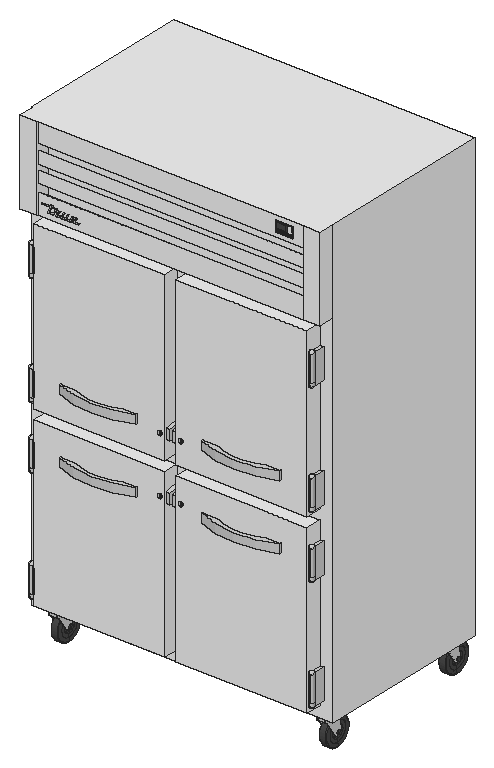
Revit family
Parameters
  Weight in Pounds = 0
  Watts = 3000 W
  Volts = 208 V
  URL Cutsheet = "www.truemfg.com"
  URL = "www.truemfg.com"
  Type Mark [instance] = ""
  Type Comments = ""
  Status [instance] = ""
  Specification by User [instance] = ""
  Specification by Manufacturer = ""
  Show Seismic Flanged [instance] = no
  Show Logo [instance] = yes
  Show Legs [instance] = no
  Show Clearance [instance] = yes
  Serial Number = ""
  Seismic Rating = ""
  Seismic Plate [instance] = and(Show Seismic Flanged, not(Show Casters))  # no
  SMACNA No = ""
  Revision Code [instance] = ""
  Phase = 1
  Omniclass Number and Title = ""
  Number of Poles [instance] = 1
  NAFEM Spec ID Number = ""
  Model = "STA2H-4HS"
  Min Ckt Ampacity = 0 A
  Max Overcurrent Protection = 0 A
  Masterspec = ""
  Manufacturer = "TRUE FOOD SERVICE EQUIPMENT, INC."
  Length = 52 5/8"
  Legs [instance] = or(Show Legs, Show Seismic Flanged)  # no
  Item Number [instance] = ""
  Installed By [instance] = ""
  Identify Quantity as Lot [instance] = yes
  Height = 77 3/4"
  HP = ""
  Furnished By [instance] = ""
  Foodservice Equipment Identifier [instance] = yes
  FL Amps = Watts / Volts  # 14.4231 A
  Electrical Remarks [instance] = ""
  Electric Connection Type [instance] = ""
  Elec Conn RI Height [instance] = 0"
  Elec Conn Connection Height [instance] = 0"
  Description = "Reach-in Solid Half Swing Door Heated Cabinet"
  Depth = 33 3/4"
  Cycle = 60 Hz
  Conn Plug = "6-15P"
  Conn Conduit = yes
  Show Casters [instance] = and(not(if(Show Legs, Show Legs, Show Legs)), not(if(Show Legs, Show Legs, Show Seismic Flanged)))  # yes
  CSI MasterFormat = ""
  CSI Master Format = ""
  Apparent Power = if(Phase = 3, Volts * FL Amps * 1.73, Volts * FL Amps)  # 3000 VA
Reference planes (in)
  plane 1 "BACK": y = 0
  plane 2: z = 0
  plane 3 "LEFT": x = 0
  plane 4 "RIGHT": x = 52.625
  plane 5 "FRONT": y = -33.75
  plane 6 "TOP": z = 84.125
  plane 7: z = 6.125
  plane 8: x = 26.3125
  plane 9: x = 3
  plane 10: x = 49.9375
  plane 11: y = -33.7042
  plane 12: x = 26.46875
Forms (in)
  Extrusion 1, solid, material "QF_Finishes_Chrome - Satin"
    sketch origin (0.05, 0, 0) x (1, 0, 0) y (0, 1, 0)
      loop
        line (-0.05, 0) -> (-0.05, -31) -> (2.35625, -31) -> (2.35625, 0) -> (-0.05, 0)
    from 6.125 to 84.125
  Extrusion 2, solid, material "QF_Finishes_Chrome - Satin"
    sketch origin (50.15, 0, 0) x (1, 0, 0) y (0, 1, 0)
      loop
        line (0.225, 0) -> (0.225, -31) -> (2.475, -31) -> (2.475, 0) -> (0.225, 0)
    from 6.125 to 84.125
  Extrusion 3, solid, material "QF_Finishes_Chrome - Satin"
    sketch origin (0, 0, 0) x (0, 1, 0) y (0, 0, 1)
      loop
        line (-33.7042, 69.5) -> (-31, 69.5) -> (-31, 6.125) -> (0, 6.125) -> (0, 84.125) -> (-33.7042, 84.125) -> (-33.7042, 80.78078) -> (-31.5, 79.21352) -> (-31.5, 78.09125) -> (-33.7042, 79.65851) -> (-33.7042, 77.5248) -> (-31.5, 75.95754) -> (-31.5, 74.99678) -> (-33.7042, 76.56404) -> (-33.7042, 74.46784) -> (-31.5, 72.90057) -> (-31.5, 71.625) -> (-33.7042, 73.19226) -> (-33.7042, 69.5)
    from 2.25 to 50.375
  Extrusion 4, solid, material "QF_Finishes_Chrome - Satin"
    sketch origin (0, 0, 0) x (1, 0, 0) y (0, 1, 0)
      loop
        line (52.54687, -31) -> (49.66032, -31) -> (49.66032, -33.75) -> (52.54687, -33.75) -> (52.54687, -31)
    from 69.5 to 84.125
  Extrusion 5, solid, material "QF_Finishes_Chrome - Satin"
    sketch origin (-50.125, 0, 0.25) x (1, 0, 0) y (0, 1, 0)
      loop
        line (53.20984, -31) -> (50.20312, -31) -> (50.20312, -33.75) -> (53.20984, -33.75) -> (53.20984, -31)
    from 69.25 to 83.875
  Extrusion 6, solid, material "QF_Finishes_Chrome - Satin"
    sketch origin (0, 0, -0.71875) x (1, 0, 0) y (0, 0, 1)
      loop
        line (2.4375, 68.6875) -> (2.4375, 39.59375) -> (25.375, 39.59375) -> (25.375, 68.6875) -> (2.4375, 68.6875)
      loop
        line (50.34375, 68.6875) -> (27.40625, 68.6875) -> (27.40625, 39.59375) -> (50.34375, 39.59375) -> (50.34375, 68.6875)
      loop
        line (2.4375, 8.75) -> (25.375, 8.75) -> (25.375, 37.84375) -> (2.4375, 37.84375) -> (2.4375, 8.75)
      loop
        line (27.40625, 8.75) -> (50.34375, 8.75) -> (50.34375, 37.84375) -> (27.40625, 37.84375) -> (27.40625, 8.75)
    from 31 to 33.75
  Extrusion 7, solid, material "QF_Finishes_Handrails and Railings"
    sketch origin (85.95, -0.25, 32.09144) x (1, 0, 0) y (0, 1, 0)
      loop
        line (-53.875, -33.5) -> (-53.875, -33.7)
        arc (-53.875, -33.7) -> (-47.075, -35.14405) -> (-40.275, -33.7) r 16.7325
        line (-40.275, -33.7) -> (-40.275, -33.5) -> (-42.675, -33.5)
        arc (-42.675, -33.5) -> (-47.075, -34.65816) -> (-51.475, -33.5) r 8.93715
        line (-51.475, -33.5) -> (-53.875, -33.5)
    from 10.87731 to 12.37731
  Extrusion 8, solid, material "QF_Finishes_Handrails and Railings"
    sketch origin (1.90625, 0, 2.875) x (1, 0, 0) y (0, 0, 1)
      loop
        circle (22.6875, 40.0625) r 0.35
      loop
        line (22.65235, 40.33635) -> (22.65235, 39.76895) -> (22.70785, 39.76895) -> (22.70785, 40.33635) -> (22.65235, 40.33635)
      loop
        circle (26.3125, 40.0625) r 0.35
      loop
        line (26.34765, 40.33635) -> (26.29215, 40.33635) -> (26.29215, 39.76895) -> (26.34765, 39.76895) -> (26.34765, 40.33635)
    from 33.5 to 33.83066
  Extrusion 9, solid, material "QF_Finishes_Handrails and Railings", visible <- "Show Logo"
    sketch origin (0.33478, 1.08173, -6.73143) x (1, 0, 0) y (0, 0, 1)
      loop
        line (3.61669, 78.46231) -> (3.51103, 78.23573) -> (4.91652, 78.23573)
        arc (4.91652, 78.23573) -> (4.94504, 78.18528) -> (4.91652, 78.13484) r 0.05887
        line (4.91652, 78.13484) -> (4.54994, 77.34872)
        arc (4.54994, 77.34872) -> (4.54676, 77.27591) -> (4.596, 77.22217) r 0.09523
        line (4.596, 77.22217) -> (5.49469, 77.22217)
        arc (5.49469, 77.22217) -> (5.60817, 77.25795) -> (5.68061, 77.35235) r 0.19785
        line (5.68061, 77.35235) -> (5.9691, 77.97101) -> (6.23415, 77.97101)
        arc (6.23415, 77.97101) -> (6.30369, 77.94543) -> (6.29362, 77.87203) r 0.05911
        line (6.29362, 77.87203) -> (6.05223, 77.35437)
        arc (6.05223, 77.35437) -> (6.05599, 77.2684) -> (6.12856, 77.22217) r 0.09318
        line (6.12856, 77.22217) -> (6.91823, 77.22217)
        arc (6.91823, 77.22217) -> (6.97874, 77.24419) -> (7.01093, 77.29995) r 0.09412
        arc (7.01093, 77.29995) -> (7.03371, 77.24495) -> (7.08871, 77.22217) r 0.07778
        line (7.08871, 77.22217) -> (7.58871, 77.22217)
        arc (7.58871, 77.22217) -> (7.64647, 77.23765) -> (7.68876, 77.27993) r 0.11552
        arc (7.68876, 77.27993) -> (7.709, 77.23106) -> (7.75787, 77.21081) r 0.06912
        line (7.75787, 77.21081) -> (8.4685, 77.21081)
        arc (8.4685, 77.21081) -> (8.52659, 77.23488) -> (8.55066, 77.29297) r 0.08216
        arc (8.55066, 77.29297) -> (8.60392, 77.23972) -> (8.67667, 77.22022) r 0.14551
        line (8.67667, 77.22022) -> (10.00783, 77.22022) -> (10.15571, 77.47634) -> (8.81303, 77.47634)
        arc (8.81303, 77.47634) -> (8.77597, 77.50204) -> (8.77459, 77.54711) r 0.05009
        line (8.77459, 77.54711) -> (8.79782, 77.59692)
        arc (8.79782, 77.59692) -> (8.83348, 77.64364) -> (8.88952, 77.66135) r 0.09747
        line (8.88952, 77.66135) -> (9.3211, 77.66135)
        arc (9.3211, 77.66135) -> (9.41425, 77.68631) -> (9.48244, 77.7545) r 0.1863
        line (9.48244, 77.7545) -> (9.60744, 77.97101)
        arc (9.60744, 77.97101) -> (9.60744, 78.08657) -> (9.50736, 78.14434) r 0.11556
        line (9.50736, 78.14434) -> (9.05187, 78.14434)
        arc (9.05187, 78.14434) -> (8.93575, 78.12462) -> (8.85474, 78.03912) r 0.18605
        line (8.85474, 78.03912) -> (8.63829, 77.57493)
        arc (8.63829, 77.57493) -> (8.5744, 77.49167) -> (8.47431, 77.46011) r 0.1745
        line (8.47431, 77.46011) -> (8.00184, 77.46011)
        arc (8.00184, 77.46011) -> (7.94528, 77.52184) -> (7.94893, 77.60548) r 0.10939
        line (7.94893, 77.60548) -> (8.2002, 78.14434) -> (8.04028, 78.14434) -> (7.77406, 77.57344)
        arc (7.77406, 77.57344) -> (7.72234, 77.50603) -> (7.6413, 77.48048) r 0.14128
        line (7.6413, 77.48048) -> (7.3155, 77.48048)
        arc (7.3155, 77.48048) -> (7.26044, 77.55223) -> (7.27225, 77.64189) r 0.11816
        line (7.27225, 77.64189) -> (7.50655, 78.14434) -> (7.34139, 78.14434) -> (7.07171, 77.566)
        arc (7.07171, 77.566) -> (7.0091, 77.50339) -> (6.92358, 77.48048) r 0.17104
        line (6.92358, 77.48048) -> (6.4518, 77.48048)
        arc (6.4518, 77.48048) -> (6.36707, 77.51999) -> (6.35892, 77.61313) r 0.0935
        line (6.35892, 77.61313) -> (6.51399, 77.94569) -> (6.7332, 77.94569)
        arc (6.7332, 77.94569) -> (6.7702, 78.05717) -> (6.84892, 78.14434) r 0.2857
        line (6.84892, 78.14434) -> (5.9923, 78.14434)
        arc (5.9923, 78.14434) -> (5.89711, 78.12324) -> (5.83123, 78.05135) r 0.16212
        line (5.83123, 78.05135) -> (5.59904, 77.55341)
        arc (5.59904, 77.55341) -> (5.54565, 77.50002) -> (5.47272, 77.48048) r 0.14586
        line (5.47272, 77.48048) -> (4.96131, 77.48048)
        arc (4.96131, 77.48048) -> (4.92139, 77.53442) -> (4.92899, 77.60109) r 0.09155
        line (4.92899, 77.60109) -> (5.26643, 78.23573) -> (6.1178, 78.23573) -> (6.22346, 78.46231) -> (5.37209, 78.46231) -> (5.47774, 78.68888) -> (5.17487, 78.68888) -> (5.06922, 78.46231) -> (3.61669, 78.46231)
      loop
        arc (8.9943, 77.93863) -> (8.95744, 77.92875) -> (8.93045, 77.90176) r 0.07373
        line (8.93045, 77.90176) -> (8.90854, 77.83436)
        arc (8.90854, 77.83436) -> (8.9187, 77.80983) -> (8.94324, 77.79966) r 0.0347
        line (8.94324, 77.79966) -> (9.31573, 77.79966)
        arc (9.31573, 77.79966) -> (9.34257, 77.80561) -> (9.36437, 77.82234) r 0.0635
        line (9.36437, 77.82234) -> (9.38249, 77.90622)
        arc (9.38249, 77.90622) -> (9.37716, 77.92868) -> (9.35634, 77.93863) r 0.02676
        line (9.35634, 77.93863) -> (8.9943, 77.93863)
    from 34.76797 to 34.83173
  Extrusion 10, solid
    sketch origin (0, 0, 0) x (1, 0, 0) y (0, 0, 1)
      loop
        circle (49.53125, 82) r 0.25
    from 0 to 0.0625
  Extrusion 11, solid, material "QF_Finishes_Handrails and Railings"
    sketch origin (-33.16875, -0.25, 32.09144) x (1, 0, 0) y (0, 1, 0)
      loop
        line (53.71875, -33.5) -> (51.31875, -33.5)
        arc (51.31875, -33.5) -> (47.075, -34.58228) -> (42.83125, -33.5) r 8.86127
        line (42.83125, -33.5) -> (40.43125, -33.5) -> (40.43125, -33.7)
        arc (40.43125, -33.7) -> (47.075, -35.08117) -> (53.71875, -33.7) r 16.66961
        line (53.71875, -33.7) -> (53.71875, -33.5)
    from 10.87731 to 12.37731
  Blend 12, solid, material "QF_Finishes_Handrails and Railings"
    base sketch origin (0.125, 0, 4.875) x (1, 0, 0) y (0, 0, 1)
      loop
        line (25.25, 38.99169) -> (25.25, 37.24169) -> (26, 37.24169) -> (26, 38.99169) -> (25.25, 38.99169)
    top sketch origin (0.125, 0, 4.875) x (1, 0, 0) y (0, 0, 1)
      loop
        line (26.18223, 36.6441) -> (26.18223, 39.42643) -> (25.25, 39.42643) -> (25.25, 36.6441) -> (26.18223, 36.6441)
    from 33.57883 to 31
  Blend 13, solid, material "QF_Finishes_Handrails and Railings"
    base sketch origin (52.65625, 0, 4.875) x (-1, 0, 0) y (0, 0, -1)
      loop
        line (25.25, -38.99169) -> (26, -38.99169) -> (26, -37.24169) -> (25.25, -37.24169) -> (25.25, -38.99169)
    top sketch origin (52.65625, 0, 4.875) x (-1, 0, 0) y (0, 0, -1)
      loop
        line (26.18223, -36.6441) -> (25.25, -36.6441) -> (25.25, -39.42643) -> (26.18223, -39.42643) -> (26.18223, -36.6441)
    from 33.57883 to 31
  Extrusion 14, solid, material "QF_Finishes_Handrails and Railings"
    sketch origin (1.28125, 0, 0) x (0, 1, 0) y (0, 0, 1)
      loop
        line (-31, 64.55229) -> (-32.61044, 64.55229)
        arc (-32.61044, 64.55229) -> (-32.75506, 64.49238) -> (-32.81497, 64.34776) r 0.20453
        line (-32.81497, 64.34776) -> (-32.81497, 59.94848) -> (-33.25, 59.94848) -> (-33.25, 59.23627) -> (-31, 59.23627) -> (-31, 64.55229)
    from 0.17506 to 1
  Revolve 15, solid, material "QF_Finishes_Handrails and Railings"
    sketch origin (1.78125, 0, 0) x (0, 1, 0) y (0, 0, 1)
      loop
        line (-33.26563, 60.00189) -> (-33.26563, 64.81483)
        arc (-33.26563, 64.81483) -> (-33.53722, 64.72557) -> (-33.67229, 64.4736) r 0.3848
        line (-33.67229, 64.4736) -> (-33.67229, 60.00189) -> (-33.26563, 60.00189)
      loop
        line (-33.26563, 59.94848) -> (-33.67229, 59.94848) -> (-33.67229, 59.37712)
        arc (-33.67229, 59.37712) -> (-33.53264, 59.13383) -> (-33.26563, 59.04781) r 0.38884
        line (-33.26563, 59.04781) -> (-33.26563, 59.94848)
      axis (-33.26563, 59.04781) -> (-33.26563, 64.81483)
    angle from 0 to 360
  Extrusion 16, solid, material "QF_Finishes_Handrails and Railings"
    sketch origin (-0.03125, 0, 0) x (1, 0, 0) y (0, 0, 1)
      loop
        line (2.07116, 64.4736) -> (2.07116, 60.00079) -> (2.46875, 60.00079) -> (2.46875, 64.4736) -> (2.07116, 64.4736)
    from 32.81497 to 33.59495
  Extrusion 17, solid, material "QF_Finishes_Handrails and Railings"
    sketch origin (1.28125, 0, -19.5) x (0, 1, 0) y (0, 0, 1)
      loop
        line (-31, 64.55229) -> (-32.61044, 64.55229)
        arc (-32.61044, 64.55229) -> (-32.75506, 64.49238) -> (-32.81497, 64.34776) r 0.20453
        line (-32.81497, 64.34776) -> (-32.81497, 59.94848) -> (-33.25, 59.94848) -> (-33.25, 59.23627) -> (-31, 59.23627) -> (-31, 64.55229)
    from 0.17506 to 1
  Revolve 18, solid, material "QF_Finishes_Handrails and Railings"
    sketch origin (1.78125, 0, -19.5) x (0, 1, 0) y (0, 0, 1)
      loop
        line (-33.26563, 60.00189) -> (-33.26563, 64.81483)
        arc (-33.26563, 64.81483) -> (-33.53722, 64.72557) -> (-33.67229, 64.4736) r 0.3848
        line (-33.67229, 64.4736) -> (-33.67229, 60.00189) -> (-33.26563, 60.00189)
      loop
        line (-33.26563, 59.94848) -> (-33.67229, 59.94848) -> (-33.67229, 59.37712)
        arc (-33.67229, 59.37712) -> (-33.53264, 59.13383) -> (-33.26563, 59.04781) r 0.38884
        line (-33.26563, 59.04781) -> (-33.26563, 59.94848)
      axis (-33.26563, 59.04781) -> (-33.26563, 64.81483)
    angle from 0 to 360
  Extrusion 19, solid, material "QF_Finishes_Handrails and Railings"
    sketch origin (-0.03125, 0, -19.5) x (1, 0, 0) y (0, 0, 1)
      loop
        line (2.07116, 64.4736) -> (2.07116, 60.00079) -> (2.46875, 60.00079) -> (2.46875, 64.4736) -> (2.07116, 64.4736)
    from 32.81497 to 33.59495
  Extrusion 20, solid, material "QF_Finishes_Handrails and Railings"
    sketch origin (1.28125, 0, -30.5) x (0, 1, 0) y (0, 0, 1)
      loop
        line (-31, 64.55229) -> (-32.61044, 64.55229)
        arc (-32.61044, 64.55229) -> (-32.75506, 64.49238) -> (-32.81497, 64.34776) r 0.20453
        line (-32.81497, 64.34776) -> (-32.81497, 59.94848) -> (-33.25, 59.94848) -> (-33.25, 59.23627) -> (-31, 59.23627) -> (-31, 64.55229)
    from 0.17506 to 1
  Revolve 21, solid, material "QF_Finishes_Handrails and Railings"
    sketch origin (1.78125, 0, -30.5) x (0, 1, 0) y (0, 0, 1)
      loop
        line (-33.26563, 60.00189) -> (-33.26563, 64.81483)
        arc (-33.26563, 64.81483) -> (-33.53722, 64.72557) -> (-33.67229, 64.4736) r 0.3848
        line (-33.67229, 64.4736) -> (-33.67229, 60.00189) -> (-33.26563, 60.00189)
      loop
        line (-33.26563, 59.94848) -> (-33.67229, 59.94848) -> (-33.67229, 59.37712)
        arc (-33.67229, 59.37712) -> (-33.53264, 59.13383) -> (-33.26563, 59.04781) r 0.38884
        line (-33.26563, 59.04781) -> (-33.26563, 59.94848)
      axis (-33.26563, 59.04781) -> (-33.26563, 64.81483)
    angle from 0 to 360
  Extrusion 22, solid, material "QF_Finishes_Handrails and Railings"
    sketch origin (-0.03125, 0, -30.5) x (1, 0, 0) y (0, 0, 1)
      loop
        line (2.07116, 64.4736) -> (2.07116, 60.00079) -> (2.46875, 60.00079) -> (2.46875, 64.4736) -> (2.07116, 64.4736)
    from 32.81497 to 33.59495
  Extrusion 23, solid, material "QF_Finishes_Handrails and Railings"
    sketch origin (1.28125, 0, -50.25) x (0, 1, 0) y (0, 0, 1)
      loop
        line (-31, 64.55229) -> (-32.61044, 64.55229)
        arc (-32.61044, 64.55229) -> (-32.75506, 64.49238) -> (-32.81497, 64.34776) r 0.20453
        line (-32.81497, 64.34776) -> (-32.81497, 59.94848) -> (-33.25, 59.94848) -> (-33.25, 59.23627) -> (-31, 59.23627) -> (-31, 64.55229)
    from 0.17506 to 1
  Revolve 24, solid, material "QF_Finishes_Handrails and Railings"
    sketch origin (1.78125, 0, -50.25) x (0, 1, 0) y (0, 0, 1)
      loop
        line (-33.26563, 60.00189) -> (-33.26563, 64.81483)
        arc (-33.26563, 64.81483) -> (-33.53722, 64.72557) -> (-33.67229, 64.4736) r 0.3848
        line (-33.67229, 64.4736) -> (-33.67229, 60.00189) -> (-33.26563, 60.00189)
      loop
        line (-33.26563, 59.94848) -> (-33.67229, 59.94848) -> (-33.67229, 59.37712)
        arc (-33.67229, 59.37712) -> (-33.53264, 59.13383) -> (-33.26563, 59.04781) r 0.38884
        line (-33.26563, 59.04781) -> (-33.26563, 59.94848)
      axis (-33.26563, 59.04781) -> (-33.26563, 64.81483)
    angle from 0 to 360
  Extrusion 25, solid, material "QF_Finishes_Handrails and Railings"
    sketch origin (-0.03125, 0, -50.25) x (1, 0, 0) y (0, 0, 1)
      loop
        line (2.07116, 64.4736) -> (2.07116, 60.00079) -> (2.46875, 60.00079) -> (2.46875, 64.4736) -> (2.07116, 64.4736)
    from 32.81497 to 33.59495
  Extrusion 26, solid, material "QF_Finishes_Handrails and Railings"
    sketch origin (51.1875, 0, 0) x (0, 1, 0) y (0, 0, -1)
      loop
        line (-31, -64.55229) -> (-31, -59.23627) -> (-33.25, -59.23627) -> (-33.25, -59.94848) -> (-32.81497, -59.94848) -> (-32.81497, -64.34776)
        arc (-32.81497, -64.34776) -> (-32.75506, -64.49238) -> (-32.61044, -64.55229) r 0.20453
        line (-32.61044, -64.55229) -> (-31, -64.55229)
    from 0.17506 to 1
  Revolve 27, solid, material "QF_Finishes_Handrails and Railings"
    sketch origin (50.6875, 0, 0) x (0, 1, 0) y (0, 0, -1)
      loop
        line (-33.26563, -60.00189) -> (-33.67229, -60.00189) -> (-33.67229, -64.4736)
        arc (-33.67229, -64.4736) -> (-33.53722, -64.72557) -> (-33.26563, -64.81483) r 0.3848
        line (-33.26563, -64.81483) -> (-33.26563, -60.00189)
      loop
        line (-33.26563, -59.94848) -> (-33.26563, -59.04781)
        arc (-33.26563, -59.04781) -> (-33.53264, -59.13383) -> (-33.67229, -59.37712) r 0.38884
        line (-33.67229, -59.37712) -> (-33.67229, -59.94848) -> (-33.26563, -59.94848)
      axis (-33.26563, -59.04781) -> (-33.26563, -64.81483)
    angle from 0 to 360
  Extrusion 28, solid, material "QF_Finishes_Handrails and Railings"
    sketch origin (52.5, 0, 0) x (-1, 0, 0) y (0, 0, -1)
      loop
        line (1.75866, -64.4736) -> (2.15625, -64.4736) -> (2.15625, -60.00079) -> (1.75866, -60.00079) -> (1.75866, -64.4736)
    from 32.81497 to 33.59495
  Extrusion 29, solid, material "QF_Finishes_Handrails and Railings"
    sketch origin (51.1875, 0, -19.5) x (0, 1, 0) y (0, 0, -1)
      loop
        line (-31, -64.55229) -> (-31, -59.23627) -> (-33.25, -59.23627) -> (-33.25, -59.94848) -> (-32.81497, -59.94848) -> (-32.81497, -64.34776)
        arc (-32.81497, -64.34776) -> (-32.75506, -64.49238) -> (-32.61044, -64.55229) r 0.20453
        line (-32.61044, -64.55229) -> (-31, -64.55229)
    from 0.17506 to 1
  Revolve 30, solid, material "QF_Finishes_Handrails and Railings"
    sketch origin (50.6875, 0, -19.5) x (0, 1, 0) y (0, 0, -1)
      loop
        line (-33.26563, -60.00189) -> (-33.67229, -60.00189) -> (-33.67229, -64.4736)
        arc (-33.67229, -64.4736) -> (-33.53722, -64.72557) -> (-33.26563, -64.81483) r 0.3848
        line (-33.26563, -64.81483) -> (-33.26563, -60.00189)
      loop
        line (-33.26563, -59.94848) -> (-33.26563, -59.04781)
        arc (-33.26563, -59.04781) -> (-33.53264, -59.13383) -> (-33.67229, -59.37712) r 0.38884
        line (-33.67229, -59.37712) -> (-33.67229, -59.94848) -> (-33.26563, -59.94848)
      axis (-33.26563, -59.04781) -> (-33.26563, -64.81483)
    angle from 0 to 360
  Extrusion 31, solid, material "QF_Finishes_Handrails and Railings"
    sketch origin (52.5, 0, -19.5) x (-1, 0, 0) y (0, 0, -1)
      loop
        line (1.75866, -64.4736) -> (2.15625, -64.4736) -> (2.15625, -60.00079) -> (1.75866, -60.00079) -> (1.75866, -64.4736)
    from 32.81497 to 33.59495
  Extrusion 32, solid, material "QF_Finishes_Handrails and Railings"
    sketch origin (51.1875, 0, -30.5) x (0, 1, 0) y (0, 0, -1)
      loop
        line (-31, -64.55229) -> (-31, -59.23627) -> (-33.25, -59.23627) -> (-33.25, -59.94848) -> (-32.81497, -59.94848) -> (-32.81497, -64.34776)
        arc (-32.81497, -64.34776) -> (-32.75506, -64.49238) -> (-32.61044, -64.55229) r 0.20453
        line (-32.61044, -64.55229) -> (-31, -64.55229)
    from 0.17506 to 1
  Revolve 33, solid, material "QF_Finishes_Handrails and Railings"
    sketch origin (50.6875, 0, -30.5) x (0, 1, 0) y (0, 0, -1)
      loop
        line (-33.26563, -60.00189) -> (-33.67229, -60.00189) -> (-33.67229, -64.4736)
        arc (-33.67229, -64.4736) -> (-33.53722, -64.72557) -> (-33.26563, -64.81483) r 0.3848
        line (-33.26563, -64.81483) -> (-33.26563, -60.00189)
      loop
        line (-33.26563, -59.94848) -> (-33.26563, -59.04781)
        arc (-33.26563, -59.04781) -> (-33.53264, -59.13383) -> (-33.67229, -59.37712) r 0.38884
        line (-33.67229, -59.37712) -> (-33.67229, -59.94848) -> (-33.26563, -59.94848)
      axis (-33.26563, -59.04781) -> (-33.26563, -64.81483)
    angle from 0 to 360
  Extrusion 34, solid, material "QF_Finishes_Handrails and Railings"
    sketch origin (52.5, 0, -30.5) x (-1, 0, 0) y (0, 0, -1)
      loop
        line (1.75866, -64.4736) -> (2.15625, -64.4736) -> (2.15625, -60.00079) -> (1.75866, -60.00079) -> (1.75866, -64.4736)
    from 32.81497 to 33.59495
  Extrusion 35, solid, material "QF_Finishes_Handrails and Railings"
    sketch origin (51.1875, 0, -50.25) x (0, 1, 0) y (0, 0, -1)
      loop
        line (-31, -64.55229) -> (-31, -59.23627) -> (-33.25, -59.23627) -> (-33.25, -59.94848) -> (-32.81497, -59.94848) -> (-32.81497, -64.34776)
        arc (-32.81497, -64.34776) -> (-32.75506, -64.49238) -> (-32.61044, -64.55229) r 0.20453
        line (-32.61044, -64.55229) -> (-31, -64.55229)
    from 0.17506 to 1
  Revolve 36, solid, material "QF_Finishes_Handrails and Railings"
    sketch origin (50.6875, 0, -50.25) x (0, 1, 0) y (0, 0, -1)
      loop
        line (-33.26563, -60.00189) -> (-33.67229, -60.00189) -> (-33.67229, -64.4736)
        arc (-33.67229, -64.4736) -> (-33.53722, -64.72557) -> (-33.26563, -64.81483) r 0.3848
        line (-33.26563, -64.81483) -> (-33.26563, -60.00189)
      loop
        line (-33.26563, -59.94848) -> (-33.26563, -59.04781)
        arc (-33.26563, -59.04781) -> (-33.53264, -59.13383) -> (-33.67229, -59.37712) r 0.38884
        line (-33.67229, -59.37712) -> (-33.67229, -59.94848) -> (-33.26563, -59.94848)
      axis (-33.26563, -59.04781) -> (-33.26563, -64.81483)
    angle from 0 to 360
  Extrusion 37, solid, material "QF_Finishes_Handrails and Railings"
    sketch origin (52.5, 0, -50.25) x (-1, 0, 0) y (0, 0, -1)
      loop
        line (1.75866, -64.4736) -> (2.15625, -64.4736) -> (2.15625, -60.00079) -> (1.75866, -60.00079) -> (1.75866, -64.4736)
    from 32.81497 to 33.59495
  Revolve 38, solid, material "QF_Finishes_Black", visible <- "Show Casters"
    sketch origin (47.78125, -27.375, 0) x (1, 0, 0) y (0, 0, 1)
      loop
        line (1.63125, 5) -> (1.53125, 4.9) -> (1.53125, 4.29941) -> (1.69226, 4.29941) -> (1.69226, 3.54941) -> (1.53125, 3.54941) -> (1.53125, 2.79941) -> (1.13125, 2.79941) -> (1.13125, 2.5) -> (3.18125, 2.5) -> (3.18125, 2.79941) -> (2.78533, 2.79941) -> (2.78533, 3.54941) -> (2.62024, 3.54941) -> (2.62024, 4.29941) -> (2.78533, 4.29941) -> (2.78533, 4.89592) -> (2.68125, 5) -> (1.63125, 5)
      axis (3.18125, 2.5) -> (1.13125, 2.5)
    angle from 0 to 360
  Extrusion 39, solid, material "QF_Finishes_Handrails and Railings", visible <- "Show Casters"
    sketch origin (47.78125, 0, 0) x (0, 1, 0) y (0, 0, 1)
      loop
        line (-29.95136, 5.48574) -> (-29.95136, 4.88089) -> (-29.70136, 4.88089) -> (-27.95216, 2.18736)
        arc (-27.95216, 2.18736) -> (-27.23883, 1.94868) -> (-26.84581, 2.59003) r 0.60416
        line (-26.84581, 2.59003) -> (-27.20136, 5.48574) -> (-29.95136, 5.48574)
      loop
        line (-3.8577, 5.48574) -> (-3.8577, 4.88089) -> (-3.6077, 4.88089) -> (-1.8585, 2.18736)
        arc (-1.8585, 2.18736) -> (-1.14517, 1.94868) -> (-0.75215, 2.59003) r 0.60416
        line (-0.75215, 2.59003) -> (-1.1077, 5.48574) -> (-3.8577, 5.48574)
    from 1.175 to 1.325
  Extrusion 40, solid, material "QF_Finishes_Handrails and Railings", visible <- "Show Casters"
    sketch origin (49.28125, 0, 0) x (0, 1, 0) y (0, 0, 1)
      loop
        line (-29.95136, 5.48574) -> (-29.95136, 4.88089) -> (-29.70136, 4.88089) -> (-27.95216, 2.18736)
        arc (-27.95216, 2.18736) -> (-27.23883, 1.94868) -> (-26.84581, 2.59003) r 0.60416
        line (-26.84581, 2.59003) -> (-27.20136, 5.48574) -> (-29.95136, 5.48574)
      loop
        line (-3.8577, 5.48574) -> (-3.8577, 4.88089) -> (-3.6077, 4.88089) -> (-1.8585, 2.18736)
        arc (-1.8585, 2.18736) -> (-1.14517, 1.94868) -> (-0.75215, 2.59003) r 0.60416
        line (-0.75215, 2.59003) -> (-1.1077, 5.48574) -> (-3.8577, 5.48574)
    from 1.175 to 1.325
  Revolve 41, solid, material "QF_Finishes_Chrome - Satin", visible <- "Show Casters"
    sketch origin (47.78125, -28.5625, -0.5) x (1, 0, 0) y (0, 0, 1)
      loop
        line (2.15625, 5.99546) -> (2.15625, 6.62359) -> (0.85918, 6.62359) -> (0.85918, 5.99546) -> (2.15625, 5.99546)
      axis (2.15625, 5.99546) -> (2.15625, 6.62359)
    angle from 0 to 360
  Revolve 42, solid, material "QF_Finishes_Chrome - Satin", visible <- "Legs"
    sketch origin (47.78125, -2.69102, 0) x (1, 0, 0) y (0, 0, 1)
      loop
        line (2.15625, 6.125) -> (0.82287, 6.125) -> (1.40625, 1) -> (1.65625, 1) -> (1.65625, 0) -> (2.15625, 0) -> (2.15625, 6.125)
      axis (2.15625, 0) -> (2.15625, 6.125)
    angle from 0 to 360
  Revolve 43, solid, material "QF_Finishes_Chrome - Satin", visible <- "Legs"
    sketch origin (47.78125, -28.65977, 0) x (1, 0, 0) y (0, 0, 1)
      loop
        line (2.15625, 6.125) -> (0.82287, 6.125) -> (1.40625, 1) -> (1.65625, 1) -> (1.65625, 0) -> (2.15625, 0) -> (2.15625, 6.125)
      axis (2.15625, 0) -> (2.15625, 6.125)
    angle from 0 to 360
  Revolve 44, solid, material "QF_Finishes_Chrome - Satin", visible <- "Show Casters"
    sketch origin (47.78125, -2.70321, -0.5) x (1, 0, 0) y (0, 0, 1)
      loop
        line (2.15625, 5.99546) -> (2.15625, 6.62359) -> (0.85918, 6.62359) -> (0.85918, 5.99546) -> (2.15625, 5.99546)
      axis (2.15625, 5.99546) -> (2.15625, 6.62359)
    angle from 0 to 360
  Extrusion 45, solid, material "QF_Finishes_Handrails and Railings", visible <- "Show Casters"
    sketch origin (0, 0, 0) x (0, 1, 0) y (0, 0, 1)
      loop
        line (-29.95136, 5.48574) -> (-29.95136, 4.88089) -> (-29.70136, 4.88089) -> (-27.16533, 5.19227) -> (-27.20136, 5.48574) -> (-29.95136, 5.48574)
      loop
        line (-3.8577, 5.48574) -> (-3.8577, 4.88089) -> (-3.6077, 4.88089) -> (-1.07167, 5.19227) -> (-1.1077, 5.48574) -> (-3.8577, 5.48574)
    from 49.10625 to 50.45625
  Revolve 46, solid, material "QF_Finishes_Black", visible <- "Show Casters"
    sketch origin (47.78125, -1.21875, 0) x (1, 0, 0) y (0, 0, 1)
      loop
        line (1.63125, 5) -> (1.53125, 4.9) -> (1.53125, 4.29941) -> (1.69226, 4.29941) -> (1.69226, 3.54941) -> (1.53125, 3.54941) -> (1.53125, 2.79941) -> (1.13125, 2.79941) -> (1.13125, 2.5) -> (3.18125, 2.5) -> (3.18125, 2.79941) -> (2.78533, 2.79941) -> (2.78533, 3.54941) -> (2.62024, 3.54941) -> (2.62024, 4.29941) -> (2.78533, 4.29941) -> (2.78533, 4.89592) -> (2.68125, 5) -> (1.63125, 5)
      axis (3.18125, 2.5) -> (1.13125, 2.5)
    angle from 0 to 360
  Revolve 47, solid, material "QF_Finishes_Black", visible <- "Show Casters"
    sketch origin (0.84375, -27.375, 0) x (1, 0, 0) y (0, 0, 1)
      loop
        line (1.63125, 5) -> (1.53125, 4.9) -> (1.53125, 4.29941) -> (1.69226, 4.29941) -> (1.69226, 3.54941) -> (1.53125, 3.54941) -> (1.53125, 2.79941) -> (0.975, 2.79941) -> (0.975, 2.5) -> (3.18125, 2.5) -> (3.18125, 2.79941) -> (2.78533, 2.79941) -> (2.78533, 3.54941) -> (2.62024, 3.54941) -> (2.62024, 4.29941) -> (2.78533, 4.29941) -> (2.78533, 4.89592) -> (2.68125, 5) -> (1.63125, 5)
      axis (3.18125, 2.5) -> (0.975, 2.5)
    angle from 0 to 360
  Extrusion 48, solid, material "QF_Finishes_Handrails and Railings", visible <- "Show Casters"
    sketch origin (0.84375, 0, 0) x (0, 1, 0) y (0, 0, 1)
      loop
        line (-29.95136, 5.48574) -> (-29.95136, 4.88089) -> (-29.70136, 4.88089) -> (-27.95216, 2.18736)
        arc (-27.95216, 2.18736) -> (-27.23883, 1.94868) -> (-26.84581, 2.59003) r 0.60416
        line (-26.84581, 2.59003) -> (-27.20136, 5.48574) -> (-29.95136, 5.48574)
      loop
        line (-3.8577, 5.48574) -> (-3.8577, 4.88089) -> (-3.6077, 4.88089) -> (-1.8585, 2.18736)
        arc (-1.8585, 2.18736) -> (-1.14517, 1.94868) -> (-0.75215, 2.59003) r 0.60416
        line (-0.75215, 2.59003) -> (-1.1077, 5.48574) -> (-3.8577, 5.48574)
    from 1.175 to 1.325
  Extrusion 49, solid, material "QF_Finishes_Handrails and Railings", visible <- "Show Casters"
    sketch origin (2.34375, 0, 0) x (0, 1, 0) y (0, 0, 1)
      loop
        line (-29.95136, 5.48574) -> (-29.95136, 4.88089) -> (-29.70136, 4.88089) -> (-27.95216, 2.18736)
        arc (-27.95216, 2.18736) -> (-27.23883, 1.94868) -> (-26.84581, 2.59003) r 0.60416
        line (-26.84581, 2.59003) -> (-27.20136, 5.48574) -> (-29.95136, 5.48574)
      loop
        line (-3.8577, 5.48574) -> (-3.8577, 4.88089) -> (-3.6077, 4.88089) -> (-1.8585, 2.18736)
        arc (-1.8585, 2.18736) -> (-1.14517, 1.94868) -> (-0.75215, 2.59003) r 0.60416
        line (-0.75215, 2.59003) -> (-1.1077, 5.48574) -> (-3.8577, 5.48574)
    from 1.175 to 1.325
  Revolve 50, solid, material "QF_Finishes_Chrome - Satin", visible <- "Show Casters"
    sketch origin (0.84375, -28.5625, -0.5) x (1, 0, 0) y (0, 0, 1)
      loop
        line (2.15625, 5.99546) -> (2.15625, 6.62359) -> (0.85918, 6.62359) -> (0.85918, 5.99546) -> (2.15625, 5.99546)
      axis (2.15625, 5.99546) -> (2.15625, 6.62359)
    angle from 0 to 360
  Revolve 51, solid, material "QF_Finishes_Chrome - Satin", visible <- "Legs"
    sketch origin (0.84375, -2.69102, 0) x (1, 0, 0) y (0, 0, 1)
      loop
        line (2.15625, 6.125) -> (0.82287, 6.125) -> (1.40625, 1) -> (1.65625, 1) -> (1.65625, 0) -> (2.15625, 0) -> (2.15625, 6.125)
      axis (2.15625, 0) -> (2.15625, 6.125)
    angle from 0 to 360
  Revolve 52, solid, material "QF_Finishes_Chrome - Satin", visible <- "Legs"
    sketch origin (0.84375, -28.65977, 0) x (1, 0, 0) y (0, 0, 1)
      loop
        line (2.15625, 6.125) -> (0.82287, 6.125) -> (1.40625, 1) -> (1.65625, 1) -> (1.65625, 0) -> (2.15625, 0) -> (2.15625, 6.125)
      axis (2.15625, 0) -> (2.15625, 6.125)
    angle from 0 to 360
  Revolve 53, solid, material "QF_Finishes_Chrome - Satin", visible <- "Show Casters"
    sketch origin (0.84375, -2.70321, -0.5) x (1, 0, 0) y (0, 0, 1)
      loop
        line (2.15625, 5.99546) -> (2.15625, 6.62359) -> (0.85918, 6.62359) -> (0.85918, 5.99546) -> (2.15625, 5.99546)
      axis (2.15625, 5.99546) -> (2.15625, 6.62359)
    angle from 0 to 360
  Extrusion 54, solid, material "QF_Finishes_Handrails and Railings", visible <- "Show Casters"
    sketch origin (-46.9375, 0, 0) x (0, 1, 0) y (0, 0, 1)
      loop
        line (-29.95136, 5.48574) -> (-29.95136, 4.88089) -> (-29.70136, 4.88089) -> (-27.16533, 5.19227) -> (-27.20136, 5.48574) -> (-29.95136, 5.48574)
      loop
        line (-3.8577, 5.48574) -> (-3.8577, 4.88089) -> (-3.6077, 4.88089) -> (-1.07167, 5.19227) -> (-1.1077, 5.48574) -> (-3.8577, 5.48574)
    from 49.10625 to 50.45625
  Revolve 55, solid, material "QF_Finishes_Black", visible <- "Show Casters"
    sketch origin (0.84375, -1.21875, 0) x (1, 0, 0) y (0, 0, 1)
      loop
        line (1.63125, 5) -> (1.53125, 4.9) -> (1.53125, 4.29941) -> (1.69226, 4.29941) -> (1.69226, 3.54941) -> (1.53125, 3.54941) -> (1.53125, 2.79941) -> (0.975, 2.79941) -> (0.975, 2.5) -> (3.18125, 2.5) -> (3.18125, 2.79941) -> (2.78533, 2.79941) -> (2.78533, 3.54941) -> (2.62024, 3.54941) -> (2.62024, 4.29941) -> (2.78533, 4.29941) -> (2.78533, 4.89592) -> (2.68125, 5) -> (1.63125, 5)
      axis (3.18125, 2.5) -> (0.975, 2.5)
    angle from 0 to 360
  Extrusion 56, solid, material "QF_Finishes_White"
    sketch origin (1.49925, 1.06376, 1.58022) x (1, 0, 0) y (0, 0, 1)
      loop
        line (43.31732, 81.73227) -> (43.31732, 79.98496) -> (46.22357, 79.98496) -> (46.22357, 81.73227) -> (43.31732, 81.73227)
    from 34.75 to 34.76797
  Extrusion 57, solid, material "QF_Finishes_Black"
    sketch origin (1.49925, 1.06376, 1.58022) x (1, 0, 0) y (0, 0, 1)
      loop
        line (46.28607, 81.79477) -> (43.25482, 81.79477) -> (43.25482, 79.92246) -> (46.28607, 79.92246) -> (46.28607, 81.79477)
      loop
        spline (43.45482, 80.25372) -> (43.46333, 80.23754) -> (43.48831, 80.22247) -> (43.52804, 80.20952) -> (43.57982, 80.19959) -> (43.64011, 80.19335) -> (43.70482, 80.19122) -> (43.76952, 80.19335) -> (43.82982, 80.19959) -> (43.88159, 80.20952) -> (43.92132, 80.22247) -> (43.9463, 80.23754) -> (43.95482, 80.25372)
        spline (43.95482, 80.25372) -> (43.9463, 80.26989) -> (43.92132, 80.28497) -> (43.88159, 80.29791) -> (43.82982, 80.30784) -> (43.76952, 80.31409) -> (43.70482, 80.31622) -> (43.64011, 80.31409) -> (43.57982, 80.30784) -> (43.52804, 80.29791) -> (43.48831, 80.28497) -> (43.46333, 80.26989) -> (43.45482, 80.25372)
      loop
        spline (44.15083, 80.25372) -> (44.15935, 80.23754) -> (44.18432, 80.22247) -> (44.22405, 80.20952) -> (44.27583, 80.19959) -> (44.33612, 80.19335) -> (44.40083, 80.19122) -> (44.46553, 80.19335) -> (44.52583, 80.19959) -> (44.57761, 80.20952) -> (44.61734, 80.22247) -> (44.64231, 80.23754) -> (44.65083, 80.25372)
        spline (44.65083, 80.25372) -> (44.64231, 80.26989) -> (44.61734, 80.28497) -> (44.57761, 80.29791) -> (44.52583, 80.30784) -> (44.46553, 80.31409) -> (44.40083, 80.31622) -> (44.33612, 80.31409) -> (44.27583, 80.30784) -> (44.22405, 80.29791) -> (44.18432, 80.28497) -> (44.15935, 80.26989) -> (44.15083, 80.25372)
      loop
        spline (44.90083, 80.25372) -> (44.90935, 80.23754) -> (44.93432, 80.22247) -> (44.97405, 80.20952) -> (45.02583, 80.19959) -> (45.08612, 80.19335) -> (45.15083, 80.19122) -> (45.21553, 80.19335) -> (45.27583, 80.19959) -> (45.32761, 80.20952) -> (45.36734, 80.22247) -> (45.39231, 80.23754) -> (45.40083, 80.25372)
        spline (45.40083, 80.25372) -> (45.39231, 80.26989) -> (45.36734, 80.28497) -> (45.32761, 80.29791) -> (45.27583, 80.30784) -> (45.21553, 80.31409) -> (45.15083, 80.31622) -> (45.08612, 80.31409) -> (45.02583, 80.30784) -> (44.97405, 80.29791) -> (44.93432, 80.28497) -> (44.90935, 80.26989) -> (44.90083, 80.25372)
      loop
        line (43.45481, 81.59478) -> (43.45481, 80.59478) -> (45.15433, 80.59478) -> (45.15433, 81.59478) -> (43.45481, 81.59478)
      loop
        line (46.22357, 81.73227) -> (43.31732, 81.73227) -> (43.31732, 79.98496) -> (46.22357, 79.98496) -> (46.22357, 81.73227)
      loop
        spline (45.65083, 80.25372) -> (45.65935, 80.23754) -> (45.68432, 80.22247) -> (45.72405, 80.20952) -> (45.77583, 80.19959) -> (45.83612, 80.19335) -> (45.90083, 80.19122) -> (45.96553, 80.19335) -> (46.02583, 80.19959) -> (46.07761, 80.20952) -> (46.11734, 80.22247) -> (46.14231, 80.23754) -> (46.15083, 80.25372)
        spline (46.15083, 80.25372) -> (46.14231, 80.26989) -> (46.11734, 80.28497) -> (46.07761, 80.29791) -> (46.02583, 80.30784) -> (45.96553, 80.31409) -> (45.90083, 80.31622) -> (45.83612, 80.31409) -> (45.77583, 80.30784) -> (45.72405, 80.29791) -> (45.68432, 80.28497) -> (45.65935, 80.26989) -> (45.65083, 80.25372)
    from 34.76797 to 34.80335
  Extrusion 58, solid, material "QF_Finishes_Door Clearance", visible <- "Show Clearance", detail levels coarse
    sketch origin (0.66534, -3.6098, 0) x (-1, 0, 0) y (0, -1, 0)
      loop
        line (-49.67841, 30.1402) -> (-26.74091, 30.1402)
        arc (-26.74091, 30.1402) -> (-33.45915, 46.35946) -> (-49.67841, 53.0777) r 22.9375
        line (-49.67841, 53.0777) -> (-49.67841, 30.1402)
      loop
        line (-24.70966, 30.1402) -> (-1.77216, 30.1402) -> (-1.77216, 53.0777)
        arc (-1.77216, 53.0777) -> (-17.99142, 46.35946) -> (-24.70966, 30.1402) r 22.9375
    from 38.875 to 67.96875
  Extrusion 59, solid, material "QF_Finishes_Chrome - Satin", visible <- "Seismic Plate"
    sketch origin (-0.22541, -26.96562, 0) x (1, 0, 0) y (0, 1, 0)
      loop
        circle (3.22541, -1.69416) r 1.5
    from 0 to 0.25
  Extrusion 60, solid, material "QF_Finishes_Chrome - Satin", visible <- "Seismic Plate"
    sketch origin (-0.22541, -0.99687, 0) x (1, 0, 0) y (0, 1, 0)
      loop
        circle (3.22541, -1.69416) r 1.5
    from 0 to 0.25
  Extrusion 61, solid, material "QF_Finishes_Chrome - Satin", visible <- "Seismic Plate"
    sketch origin (46.71209, -0.99687, 0) x (1, 0, 0) y (0, 1, 0)
      loop
        circle (3.22541, -1.69416) r 1.5
    from 0 to 0.25
  Extrusion 62, solid, material "QF_Finishes_Chrome - Satin", visible <- "Seismic Plate"
    sketch origin (46.71209, -26.96562, 0) x (1, 0, 0) y (0, 1, 0)
      loop
        circle (3.22541, -1.69416) r 1.5
    from 0 to 0.25
  Extrusion 63, solid, material "QF_Finishes_Door Clearance", visible <- "Show Clearance", detail levels coarse
    sketch origin (0.66534, -3.6098, -30.84375) x (-1, 0, 0) y (0, -1, 0)
      loop
        line (-49.67841, 30.1402) -> (-26.74091, 30.1402)
        arc (-26.74091, 30.1402) -> (-33.45915, 46.35946) -> (-49.67841, 53.0777) r 22.9375
        line (-49.67841, 53.0777) -> (-49.67841, 30.1402)
      loop
        line (-1.77216, 30.1402) -> (-1.77216, 53.0777)
        arc (-1.77216, 53.0777) -> (-17.99142, 46.35946) -> (-24.70966, 30.1402) r 22.9375
        line (-24.70966, 30.1402) -> (-1.77216, 30.1402)
    from 38.875 to 67.96875
  Extrusion 64, solid, material "QF_Finishes_Handrails and Railings"
    sketch origin (1.90625, 0, 73.125) x (1, 0, 0) y (0, 0, 1)
      loop
        circle (22.6875, -40.0625) r 0.35
      loop
        line (22.65235, -40.33635) -> (22.70785, -40.33635) -> (22.70785, -39.76895) -> (22.65235, -39.76895) -> (22.65235, -40.33635)
      loop
        circle (26.3125, -40.0625) r 0.35
      loop
        line (26.34765, -40.33635) -> (26.34765, -39.76895) -> (26.29215, -39.76895) -> (26.29215, -40.33635) -> (26.34765, -40.33635)
    from 33.5 to 33.83066
  Blend 65, solid, material "QF_Finishes_Handrails and Railings"
    base sketch origin (0.125, 0, 71.125) x (1, 0, 0) y (0, 0, 1)
      loop
        line (25.25, -38.99169) -> (26, -38.99169) -> (26, -37.24169) -> (25.25, -37.24169) -> (25.25, -38.99169)
    top sketch origin (0.125, 0, 71.125) x (1, 0, 0) y (0, 0, 1)
      loop
        line (26.18223, -36.6441) -> (25.25, -36.6441) -> (25.25, -39.42643) -> (26.18223, -39.42643) -> (26.18223, -36.6441)
    from 33.57883 to 31
  Blend 66, solid, material "QF_Finishes_Handrails and Railings"
    base sketch origin (52.65625, 0, 71.125) x (-1, 0, 0) y (0, 0, -1)
      loop
        line (25.25, 38.99169) -> (25.25, 37.24169) -> (26, 37.24169) -> (26, 38.99169) -> (25.25, 38.99169)
    top sketch origin (52.65625, 0, 71.125) x (-1, 0, 0) y (0, 0, -1)
      loop
        line (26.18223, 36.6441) -> (26.18223, 39.42643) -> (25.25, 39.42643) -> (25.25, 36.6441) -> (26.18223, 36.6441)
    from 33.57883 to 31
  Extrusion 67, solid, material "QF_Finishes_Handrails and Railings"
    sketch origin (85.95, -0.25, 20.65394) x (1, 0, 0) y (0, 1, 0)
      loop
        line (-53.875, -33.5) -> (-53.875, -33.7)
        arc (-53.875, -33.7) -> (-47.075, -35.14405) -> (-40.275, -33.7) r 16.7325
        line (-40.275, -33.7) -> (-40.275, -33.5) -> (-42.675, -33.5)
        arc (-42.675, -33.5) -> (-47.075, -34.65816) -> (-51.475, -33.5) r 8.93715
        line (-51.475, -33.5) -> (-53.875, -33.5)
    from 10.87731 to 12.37731
  Extrusion 68, solid, material "QF_Finishes_Handrails and Railings"
    sketch origin (-33.16875, -0.25, 20.65394) x (1, 0, 0) y (0, 1, 0)
      loop
        line (53.71875, -33.5) -> (51.31875, -33.5)
        arc (51.31875, -33.5) -> (47.075, -34.58228) -> (42.83125, -33.5) r 8.86127
        line (42.83125, -33.5) -> (40.43125, -33.5) -> (40.43125, -33.7)
        arc (40.43125, -33.7) -> (47.075, -35.08117) -> (53.71875, -33.7) r 16.66961
        line (53.71875, -33.7) -> (53.71875, -33.5)
    from 10.87731 to 12.37731
Cuts and joins
  joined: Extrusion 1, Extrusion 2, Extrusion 3, Extrusion 4, Extrusion 5
  joined: Revolve 15, Extrusion 16
Lines and regions (in)
  symbolic lines
    curve 1: line (0, 0, 0) -> (52.625, 0, 0)
    curve 2: line (0, -33.75, 0) -> (0, 0, 0)
    curve 3: line (52.625, -33.75, 0) -> (0, -33.75, 0)
    curve 4: line (52.625, 0, 0) -> (52.625, -33.75, 0)
    curve 5: line (52.625, -31.5, 0) -> (0, -31.5, 0)
    curve 22: arc (43.325, -33.75, 0) -> (38.925, -34.90816, 0) -> (34.525, -33.75, 0) r 8.93715
    curve 23: arc (32.125, -33.95, 0) -> (38.925, -35.39405, 0) -> (45.725, -33.95, 0) r 16.7325
    curve 24: line (32.125, -33.75, 0) -> (32.125, -33.95, 0)
    curve 25: line (45.725, -33.95, 0) -> (45.725, -33.75, 0)
    curve 26: arc (18.19375, -33.75, 0) -> (13.95, -34.83228, 0) -> (9.70625, -33.75, 0) r 8.86127
    curve 27: arc (7.30625, -33.95, 0) -> (13.95, -35.33117, 0) -> (20.59375, -33.95, 0) r 16.66961
    curve 28: line (20.59375, -33.95, 0) -> (20.59375, -33.75, 0)
    curve 29: line (7.30625, -33.75, 0) -> (7.30625, -33.95, 0)
  symbolic lines, style "SpecialityEquipmentHiddenLines", visible <- "Show Casters"
    curve 6: line (3.60602, -24.30071, 0) -> (5.06131, -25.05071, 0)
    curve 7: line (1.20097, -28.96743, 0) -> (3.60602, -24.30071, 0)
    curve 8: line (2.65626, -29.71743, 0) -> (1.20097, -28.96743, 0)
    curve 9: line (5.06131, -25.05071, 0) -> (2.65626, -29.71743, 0)
    curve 10: line (3.98222, -0.4208, 0) -> (5.43751, -1.34689, 0)
    curve 11: line (1.20097, -4.79134, 0) -> (3.98222, -0.4208, 0)
    curve 12: line (2.65626, -5.71743, 0) -> (1.20097, -4.79134, 0)
    curve 13: line (5.43751, -1.34689, 0) -> (2.65626, -5.71743, 0)
    curve 14: line (50.00722, -0.4208, 0) -> (51.30626, -1.1708, 0)
    curve 15: line (47.38222, -4.96743, 0) -> (50.00722, -0.4208, 0)
    curve 16: line (48.68126, -5.71743, 0) -> (47.38222, -4.96743, 0)
    curve 17: line (51.30626, -1.1708, 0) -> (48.68126, -5.71743, 0)
    curve 18: line (50.00722, -24.52487, 0) -> (51.30626, -25.27487, 0)
    curve 19: line (47.38222, -29.07151, 0) -> (50.00722, -24.52487, 0)
    curve 20: line (48.68126, -29.82151, 0) -> (47.38222, -29.07151, 0)
    curve 21: line (51.30626, -25.27487, 0) -> (48.68126, -29.82151, 0)
  symbolic lines, style "QF-Door Swings", visible <- "Show Clearance", detail levels coarse
    curve 30: line (50.34375, -33.75, 0) -> (50.34375, -56.6875, 0)
    curve 31: arc (50.34375, -56.6875, 0) -> (34.12449, -49.96926, 0) -> (27.40625, -33.75, 0) r 22.9375
    curve 32: line (2.4375, -33.75, 0) -> (2.4375, -56.6875, 0)
    curve 33: arc (2.4375, -56.6875, 0) -> (18.65676, -49.96926, 0) -> (25.375, -33.75, 0) r 22.9375
Dimensions and locks (in)
  "Depth": plane 5 "FRONT" to plane 1 "BACK"
  plane 7 to level = 6 1/8"
  plane 6 "TOP" to level = 84 1/8"
  plane 6 "TOP" to plane 7 = 78"
  cut or joined group of Extrusion 1, Extrusion 2, Extrusion 3, Extrusion 4, Extrusion 5 to cut or joined group of Extrusion 1, Extrusion 2, Extrusion 3, Extrusion 4, Extrusion 5 = 31"
  Extrusion 6 to plane 1 "BACK" = 33 3/4"
  "Length": plane 3 "LEFT" to plane 4 "RIGHT"
  plane 4 "RIGHT" to plane 10 to plane 12 to plane 9 to plane 3 "LEFT" = 2 11/16", 23 15/32", 23 15/32", 3"
  plane 3 "LEFT" to plane 12 to plane 4 "RIGHT" = 26 15/32", 26 5/32"
  plane 4 "RIGHT" to plane 3 "LEFT" = 52 5/8"  (x2)
  Extrusion 6 to Extrusion 6 to plane 3 "LEFT" = 22 15/16", 2 7/16"
  plane 4 "RIGHT" to Extrusion 6 to Extrusion 6 = 2 9/32", 22 15/16"
  Extrusion 6 to plane 7 = 1 29/32"
  cut or joined group of Extrusion 1, Extrusion 2, Extrusion 3, Extrusion 4, Extrusion 5 to Extrusion 6 = 1 17/32"
  cut or joined group of Extrusion 1, Extrusion 2, Extrusion 3, Extrusion 4, Extrusion 5 to cut or joined group of Extrusion 1, Extrusion 2, Extrusion 3, Extrusion 4, Extrusion 5 = 52 15/32"
  locked: Extrusion 11 to Extrusion 6 at 4.09375
  locked: Extrusion 6 to Extrusion 68 at 4.09375
  Extrusion 7 to Extrusion 6 = 4 3/32"
  Extrusion 6 to Extrusion 67 = 4 3/32"
  aligned and locked: level to plane 2
Automatic sketch dimensions
  curve 5 to plane 3 "LEFT" = 0"
  plane 5 "FRONT" to curve 33 = 0"
  plane 1 "BACK" to curve 4 = 0"
  curve 4 to plane 4 "RIGHT" = 0"
  plane 3 "LEFT" to curve 12 = 1.20097"
  plane 3 "LEFT" to curve 7 = 1.20097"
  curve 32 to plane 9 = 9/16"
  curve 8 to plane 9 = 11/32"
  curve 13 to plane 9 = 11/32"
  plane 1 "BACK" to curve 10 = 0.4208"
  plane 9 to curve 10 = 0.98222"
  plane 9 to curve 7 = 0.60602"
  plane 5 "FRONT" to curve 29 = 0.2"
  plane 9 to curve 29 = 4.30625"
  curve 29 to curve 26 = 2.4"
  plane 8 to curve 27 = 12.3625"
  curve 26 to curve 27 = 0"
  curve 26 to curve 28 = 2.4"
  plane 8 to curve 33 = 15/16"
  curve 31 to plane 8 = 1 3/32"
  plane 5 "FRONT" to curve 24 = 0.2"
  curve 31 to curve 24 = 4 23/32"
  curve 24 to curve 22 = 2.4"
  curve 23 to plane 8 = 12.6125"
  curve 22 to curve 23 = 0"
  plane 5 "FRONT" to curve 23 = 0.2"
  curve 20 to plane 10 = 2.55528"
  curve 15 to plane 10 = 2.55528"
  curve 21 to plane 10 = 1.25624"
  curve 17 to plane 10 = 1.25624"
  plane 10 to curve 19 = 0.06972"
  plane 10 to curve 15 = 0.06972"
  plane 10 to curve 31 = 13/32"
  curve 5 to plane 5 "FRONT" = 2 1/4"
  curve 21 to plane 5 "FRONT" = 3.92849"
  curve 5 to curve 8 = 1.78257"
  curve 20 to curve 19 = 3/4"
  curve 8 to curve 7 = 3/4"
  curve 26 to plane 5 "FRONT" = 7.77899"
  curve 22 to plane 5 "FRONT" = 7.77899"
  curve 22 to curve 23 = 7.30945"
  curve 26 to curve 27 = 7.30945"
  curve 13 to curve 10 = 5.29663"
  plane 1 "BACK" to curve 16 = 5.71743"
  curve 16 to curve 16 = 3/4"
  Extrusion 1 sketch curve to plane 3 "LEFT" = 0"
  plane 1 "BACK" to Extrusion 1 sketch curve = 0"
  Extrusion 1 sketch curve to plane 9 = 19/32"
  Extrusion 1 sketch curve to plane 5 "FRONT" = 2 3/4"
  plane 1 "BACK" to Extrusion 2 sketch curve = 0"
  Extrusion 2 sketch curve to plane 4 "RIGHT" = 0"
  plane 10 to Extrusion 2 sketch curve = 7/16"
  Extrusion 2 sketch curve to plane 5 "FRONT" = 2 3/4"
  Extrusion 3 sketch curve to plane 11 = 0"  (x4)
  Extrusion 3 sketch curve to plane 6 "TOP" = 0"
  plane 11 to Extrusion 3 sketch curve = 2.2042"  (x2)
  Extrusion 3 sketch curve to Extrusion 3 sketch curve = 0"
  Extrusion 3 sketch curve to Extrusion 3 sketch curve = 1/2"
  plane 1 "BACK" to Extrusion 3 sketch curve = 0"
  Extrusion 3 sketch curve to plane 6 "TOP" = 3.34422"
  Extrusion 3 sketch curve to Extrusion 3 sketch curve = 1.12227"  (x2)
  Extrusion 3 sketch curve to Extrusion 3 sketch curve = 0.445"
  Extrusion 3 sketch curve to Extrusion 3 sketch curve = 2.13371"  (x2)
  Extrusion 3 sketch curve to Extrusion 3 sketch curve = 0.96076"  (x2)
  Extrusion 3 sketch curve to Extrusion 3 sketch curve = 2.0962"  (x2)
  Extrusion 3 sketch curve to Extrusion 3 sketch curve = 1.27557"  (x2)
  Extrusion 3 sketch curve to Extrusion 3 sketch curve = 2 1/8"
  Extrusion 3 sketch curve to plane 7 = 0"
  plane 5 "FRONT" to Extrusion 4 sketch curve = 0"
  Extrusion 4 sketch curve to plane 10 = 0.27718"
  Extrusion 4 sketch curve to plane 4 "RIGHT" = 5/64"
  Extrusion 4 sketch curve to plane 5 "FRONT" = 2 3/4"
  plane 5 "FRONT" to Extrusion 5 sketch curve = 0"
  plane 3 "LEFT" to Extrusion 5 sketch curve = 5/64"
  plane 9 to Extrusion 5 sketch curve = 0.08484"
  Extrusion 5 sketch curve to plane 5 "FRONT" = 2 3/4"
  Extrusion 6 sketch curve to plane 9 = 9/16"  (x2)
  plane 8 to Extrusion 6 sketch curve = 15/16"  (x2)
  Extrusion 6 sketch curve to plane 8 = 1 3/32"  (x2)
  plane 10 to Extrusion 6 sketch curve = 13/32"  (x2)
  plane 7 to Extrusion 6 sketch curve = 1 29/32"  (x2)
  Extrusion 6 sketch curve to Extrusion 6 sketch curve = 29 3/32"
  Extrusion 6 sketch curve to Extrusion 6 sketch curve = 0"  (x2)
  Extrusion 6 sketch curve to Extrusion 6 sketch curve = 1 3/4"  (x2)
  Extrusion 6 sketch curve to plane 6 "TOP" = 16 5/32"
  plane 5 "FRONT" to Extrusion 7 sketch curve = 0"  (x2)
  Extrusion 7 sketch curve to plane 8 = 5.7625"
  Extrusion 7 sketch curve to Extrusion 7 sketch curve = 2.4"  (x2)
  Extrusion 7 sketch curve to Extrusion 7 sketch curve = 4.4"
  Extrusion 7 sketch curve to Extrusion 7 sketch curve = 0"
  Extrusion 7 sketch curve to Extrusion 7 sketch curve = 0.2"
  Extrusion 7 sketch curve to plane 5 "FRONT" = 7.77899"
  Extrusion 7 sketch curve to Extrusion 7 sketch curve = 7.30945"
  plane 8 to Extrusion 8 sketch curve = 1 193/256"
  Extrusion 8 sketch curve to Extrusion 8 sketch curve = 9/256"
  Extrusion 8 sketch curve to Extrusion 8 sketch curve = 0.0555"  (x2)
  Extrusion 8 sketch curve to plane 8 = 1.8859"
  Extrusion 8 sketch curve to Extrusion 8 sketch curve = 0.02035"
  plane 7 to Extrusion 8 sketch curve = 36.51895"
  Extrusion 8 sketch curve to Extrusion 8 sketch curve = 0"
  Extrusion 8 sketch curve to Extrusion 8 sketch curve = 0.29355"  (x2)
  Extrusion 8 sketch curve to Extrusion 8 sketch curve = 0.27385"  (x2)
  plane 9 to Extrusion 9 sketch curve = 0.84582"
  Extrusion 9 sketch curve to Extrusion 9 sketch curve = 0.10565"  (x5)
  Extrusion 9 sketch curve to Extrusion 9 sketch curve = 1.03891"
  Extrusion 9 sketch curve to Extrusion 9 sketch curve = 0.04606"
  Extrusion 9 sketch curve to Extrusion 9 sketch curve = 0.04025"
  Extrusion 9 sketch curve to Extrusion 9 sketch curve = 0.33624"
  Extrusion 9 sketch curve to Extrusion 9 sketch curve = 0.03034"  (x2)
  Extrusion 9 sketch curve to Extrusion 9 sketch curve = 0.29274"
  Extrusion 9 sketch curve to Extrusion 9 sketch curve = 0.03232"
  Extrusion 9 sketch curve to Extrusion 9 sketch curve = 0.08083"
  Extrusion 9 sketch curve to Extrusion 9 sketch curve = 0.1527"
  Extrusion 9 sketch curve to Extrusion 9 sketch curve = 0.19721"
  Extrusion 9 sketch curve to Extrusion 9 sketch curve = 0.4629"
  Extrusion 9 sketch curve to Extrusion 9 sketch curve = 0.02197"
  Extrusion 9 sketch curve to Extrusion 9 sketch curve = 0.12632"
  Extrusion 9 sketch curve to Extrusion 9 sketch curve = 0.18591"
  Extrusion 9 sketch curve to Extrusion 9 sketch curve = 0.2322"
  Extrusion 9 sketch curve to Extrusion 9 sketch curve = 0.13786"
  Extrusion 9 sketch curve to Extrusion 9 sketch curve = 0.00907"
  Extrusion 9 sketch curve to Extrusion 9 sketch curve = 0.01413"
  Extrusion 9 sketch curve to Extrusion 9 sketch curve = 0.37162"
  Extrusion 9 sketch curve to Extrusion 9 sketch curve = 0.12551"
  Extrusion 9 sketch curve to Extrusion 9 sketch curve = 0.07633"
  Extrusion 9 sketch curve to Extrusion 9 sketch curve = 0.08445"
  Extrusion 9 sketch curve to Extrusion 9 sketch curve = 0.25598"
  Extrusion 9 sketch curve to Extrusion 9 sketch curve = 0.01887"
  Extrusion 9 sketch curve to Extrusion 9 sketch curve = 0.04061"
  Extrusion 9 sketch curve to Extrusion 9 sketch curve = 0.0653"
  Extrusion 9 sketch curve to Extrusion 9 sketch curve = 0.08474"
  Extrusion 9 sketch curve to Extrusion 9 sketch curve = 0.00815"
  Extrusion 9 sketch curve to Extrusion 9 sketch curve = 0.22037"
  Extrusion 9 sketch curve to Extrusion 9 sketch curve = 0.21921"
  Extrusion 9 sketch curve to Extrusion 9 sketch curve = 0.11572"
  Extrusion 9 sketch curve to Extrusion 9 sketch curve = 0.46643"
  Extrusion 9 sketch curve to Extrusion 9 sketch curve = 0.00535"
  Extrusion 9 sketch curve to Extrusion 9 sketch curve = 0.09269"
  Extrusion 9 sketch curve to Extrusion 9 sketch curve = 0.09348"
  Extrusion 9 sketch curve to Extrusion 9 sketch curve = 0.14812"
  Extrusion 9 sketch curve to Extrusion 9 sketch curve = 0.07778"  (x3)
  Extrusion 9 sketch curve to Extrusion 9 sketch curve = 0.20054"
  Extrusion 9 sketch curve to Extrusion 9 sketch curve = 0.04325"
  Extrusion 9 sketch curve to Extrusion 9 sketch curve = 0.32433"
  Extrusion 9 sketch curve to Extrusion 9 sketch curve = 0.10233"  (x2)
  Extrusion 9 sketch curve to Extrusion 9 sketch curve = 0.16515"
  Extrusion 9 sketch curve to Extrusion 9 sketch curve = 0.27321"
  Extrusion 9 sketch curve to Extrusion 9 sketch curve = 0.0526"
  Extrusion 9 sketch curve to Extrusion 9 sketch curve = 0.10005"
  Extrusion 9 sketch curve to Extrusion 9 sketch curve = 0.06912"
  Extrusion 9 sketch curve to Extrusion 9 sketch curve = 0.13276"
  Extrusion 9 sketch curve to Extrusion 9 sketch curve = 0.17486"
  Extrusion 9 sketch curve to Extrusion 9 sketch curve = 0.05291"
  Extrusion 9 sketch curve to Extrusion 9 sketch curve = 0.53374"
  Extrusion 9 sketch curve to Extrusion 9 sketch curve = 0.09914"  (x2)
  Extrusion 9 sketch curve to Extrusion 9 sketch curve = 0.15992"
  Extrusion 9 sketch curve to Extrusion 9 sketch curve = 0.46666"
  Extrusion 9 sketch curve to Extrusion 9 sketch curve = 0.00582"
  Extrusion 9 sketch curve to Extrusion 9 sketch curve = 0.08216"
  Extrusion 9 sketch curve to Extrusion 9 sketch curve = 0.16397"
  Extrusion 9 sketch curve to Extrusion 9 sketch curve = 0.12601"
  Extrusion 9 sketch curve to Extrusion 9 sketch curve = 0.1363"
  Extrusion 9 sketch curve to Extrusion 9 sketch curve = 0.02323"
  Extrusion 9 sketch curve to Extrusion 9 sketch curve = 0.03844"
  Extrusion 9 sketch curve to Extrusion 9 sketch curve = 0.0454"
  Extrusion 9 sketch curve to Extrusion 9 sketch curve = 0.05693"
  Extrusion 9 sketch curve to Extrusion 9 sketch curve = 0.0917"
  Extrusion 9 sketch curve to Extrusion 9 sketch curve = 0.01902"
  Extrusion 9 sketch curve to Extrusion 9 sketch curve = 0.02191"
  Extrusion 9 sketch curve to Extrusion 9 sketch curve = 0.0347"
